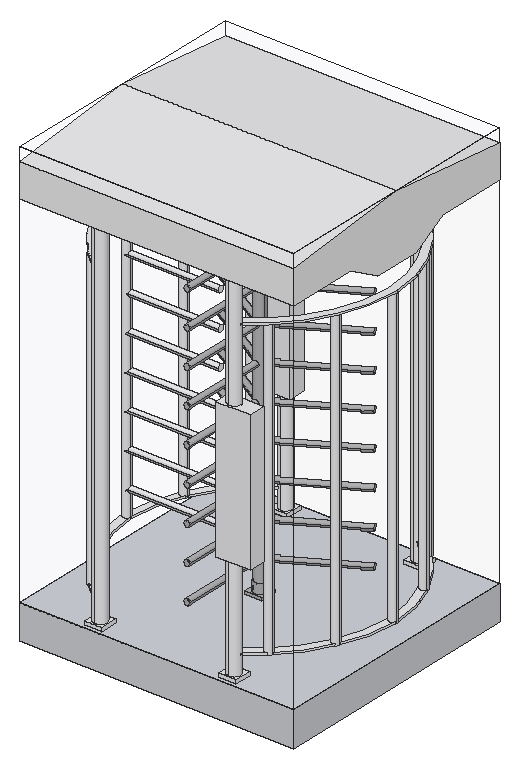
Revit family "LBA_LBAT10", category Equipement spécialisé, Revit 2017
Family settings
  Cote de connecteur circulaire = Utiliser le diamètre
  Type d'élément = Normal
  Basée sur le plan de construction = Non
  Toujours verticalement = Oui
  Couper avec des vides une fois chargée = Non
  Partagée = Non
  Point de calcul de pièce = Non
Parameters (values of type "Tourniquet_simple")
  position_barreaux_turnants = 510 mm
  passage_demi = largeur_passage / 2  # 340 mm
  longueur_toiture = 1500 mm
  longueur_controle_accèss = 100 mm
  longueur_barreaux_tournants = 500 mm
  longueur_barreaux_fixes = 550 mm
  longueur_assemblages_laterales = 1400 mm
  longueur_volume_emprise = 1500 mm
  largeur_toiture = 1600 mm
  largeur_passage = 680 mm
  largeur_controle_accèss = 200 mm
  largeur_volume_emprise = 1600 mm
  hauteur_passage = 2000 mm
  hauteur_volume_emprise = 2384 mm
  hauteur_controle_accèss = 810 mm
  h_poste = 2110 mm
  h_b = 20 mm
  dimension_plaques = 100 mm
  diamètre_poteau_tournant = 60 mm
  diamètre_poteaux = 75 mm
  diamètre_barreaux = 33 mm
  demi_d_laterale = diamètre_poteaux / 2  # 37.5 mm
  d_poteau_fixes_laterales = 45 mm
  URL = "https://barriere-automatique.com/fr/"
  Modèle = "LBA T10"
  Matériau_barreaux = ALU_INOX
  Matériau_base = BLANC_MAT
  Fabricant = "La Barrière Automatique"
Reference planes
  plane 1 "Centre (avant/arrière)": y = 0
  plane 2: z = 0
  plane 3 "Centre (gauche/droite)": x = -450
  plane 4 "arrière": y = 750
  plane 5: x = 350
  plane 6 "Origine gauche": x = -1250
  plane 7 "avant": y = -750
  plane 8 "H": z = 2384
  plane 9: z = 2000
  plane 10 "b": z = 125
  plane 11 "b2": z = 1850
  plane 12: y = 750
  plane 13: y = -750
Forms (mm)
  Extrusion 1, solid
    sketch origin (0, 0, 0) x (1, 0, 0) y (0, 1, 0)
      loop
        line (-1250, 750) -> (-1250, -750) -> (350, -750) -> (350, 750) -> (-1250, 750)
    from 0 to 2384
  Extrusion 2, solid
    sketch origin (0, 0, 0) x (1, 0, 0) y (0, 1, 0)
      loop
        line (-1250, 750) -> (-1250, -750) -> (350, -750) -> (350, 750) -> (-1250, 750)
    from 0 to -200
Lines and regions (mm)
  symbolic lines, style "ESPACE_EMPRISE"
    curve 1: line (-1250, 750, 2384) -> (350, 750, 2384)
    curve 2: line (-1250, -750, 2384) -> (-1250, 750, 2384)
    curve 3: line (350, -750, 2384) -> (-1250, -750, 2384)
    curve 4: line (350, 750, 2384) -> (350, -750, 2384)
    curve 5: line (-1250, 750, 0) -> (350, 750, 0)
    curve 6: line (-1250, -750, 0) -> (-1250, 750, 0)
    curve 7: line (350, -750, 0) -> (-1250, -750, 0)
    curve 8: line (350, 750, 0) -> (350, -750, 0)
    curve 9: line (-1250, 750, 2384) -> (350, 750, 2384)
    curve 10: line (-1250, 750, 0) -> (-1250, 750, 2384)
    curve 11: line (350, 750, 0) -> (-1250, 750, 0)
    curve 12: line (350, 750, 2384) -> (350, 750, 0)
    curve 13: line (-1250, -750, 2384) -> (350, -750, 2384)
    curve 14: line (-1250, -750, 0) -> (-1250, -750, 2384)
    curve 15: line (350, -750, 0) -> (-1250, -750, 0)
    curve 16: line (350, -750, 2384) -> (350, -750, 0)
Dimensions and locks
  "largeur_volume_emprise": plane 6 "Origine gauche" to plane 5
  equal spacing: plane 4 "arrière", plane 1 "Centre (avant/arrière)", plane 7 "avant"
  "longueur_volume_emprise": plane 4 "arrière" to plane 7 "avant"
  "hauteur_volume_emprise": plane 8 "H" to plane 2
  "hauteur_passage": plane 9 to plane 2
  equal spacing: plane 6 "Origine gauche", plane 3 "Centre (gauche/droite)", plane 5
  locked: plane 9 to plane 11 "b2" at 150
  locked: plane 10 "b" to plane 2 at 125
  equal spacing: nested 9, plane 1 "Centre (avant/arrière)", nested 11
  equal spacing: nested 8, plane 1 "Centre (avant/arrière)", nested 12
  equal spacing: nested 17, plane 1 "Centre (avant/arrière)", nested 13
  equal spacing: nested 16, plane 1 "Centre (avant/arrière)", nested 14
  equal spacing: plane 12, plane 1 "Centre (avant/arrière)", plane 13
  "longueur_toiture": plane 12 to plane 13
  "diamètre_poteaux": plane 12 to nested 22
  "diamètre_poteaux": nested 21 to plane 13
  "passage_demi": nested 21 to plane 3 "Centre (gauche/droite)"
  "passage_demi": plane 3 "Centre (gauche/droite)" to nested 1
  aligned and locked: level to plane 2
  aligned and locked: Extrusion 1 sketch curve to plane 4 "arrière"
  aligned and locked: plane 6 "Origine gauche" to Extrusion 1 sketch curve
  aligned and locked: plane 7 "avant" to Extrusion 1 sketch curve
  aligned and locked: Extrusion 1 sketch curve to plane 5
  aligned and locked: plane 8 "H" to Extrusion 1
  aligned and locked: plane 1 "Centre (avant/arrière)" to nested 3
  aligned and locked: nested 7 to plane 1 "Centre (avant/arrière)"
  aligned and locked: nested 5 to plane 1 "Centre (avant/arrière)"
  aligned and locked: nested 3 to plane 1 "Centre (avant/arrière)"
  aligned and locked: plane 1 "Centre (avant/arrière)" to nested 6
  aligned and locked: plane 1 "Centre (avant/arrière)" to nested 4
  aligned and locked: plane 11 "b2" to nested 8
  aligned and locked: plane 11 "b2" to nested 12
  aligned and locked: plane 11 "b2" to nested 9
  aligned and locked: plane 11 "b2" to nested 11
  aligned and locked: plane 11 "b2" to nested 10
  aligned and locked: plane 1 "Centre (avant/arrière)" to nested 10
  aligned and locked: curve 1 to plane 4 "arrière"
  aligned and locked: plane 6 "Origine gauche" to curve 2
  aligned and locked: plane 7 "avant" to curve 3
  aligned and locked: curve 4 to plane 5
  aligned and locked: curve 5 to plane 4 "arrière"
  aligned and locked: curve 6 to curve 2
  aligned and locked: curve 7 to curve 3
  aligned and locked: curve 9 to plane 8 "H"
  aligned and locked: plane 6 "Origine gauche" to curve 10
  aligned and locked: curve 12 to plane 5
  aligned and locked: level to curve 11
  aligned and locked: curve 13 to plane 8 "H"
  aligned and locked: curve 16 to plane 5
  aligned and locked: plane 6 "Origine gauche" to curve 14
  aligned and locked: plane 2 to curve 15
  aligned and locked: nested 19 to nested 1  (x2)
  aligned and locked: plane 3 "Centre (gauche/droite)" to nested 3
  aligned and locked: nested 5 to nested 3
  aligned and locked: nested 7 to nested 5
  aligned and locked: Extrusion 2 sketch curve to plane 5
  aligned and locked: Extrusion 2 sketch curve to plane 4 "arrière"
  aligned and locked: plane 6 "Origine gauche" to Extrusion 2 sketch curve
  aligned and locked: plane 7 "avant" to Extrusion 2 sketch curve
  aligned and locked: nested 1 to nested 2
  aligned and locked: nested 3 to nested 6
  aligned and locked: nested 3 to nested 4
  aligned and locked: nested 8 to nested 12
  aligned and locked: nested 9 to nested 11
  aligned and locked: plane 1 "Centre (avant/arrière)" to nested 18
  aligned and locked: nested 14 to nested 16
  aligned and locked: nested 13 to nested 17
  aligned and locked: nested 21 to nested 1
  aligned and locked: nested 22 to nested 2
  aligned and locked: nested 20 to nested 22
  aligned and locked: nested 20 to nested 21
  aligned and locked: nested 21 to nested 22
  aligned and locked: plane 3 "Centre (gauche/droite)" to nested 18
  aligned and locked: nested 23 to nested 3
  aligned and locked: nested 23 to nested 10
Automatic sketch dimensions
  curve 7 to plane 5 = 0 mm
Nested families
  nested 1: "post_LBAT20_LBA" at (-60, -675, 0), type "post_LBAT20_LBA"
    with diamètre_poste 75 mm
  nested 2: "post_LBAT20_LBA" at (-60, 675, 0), type "post_LBAT20_LBA"
    with diamètre_poste 75 mm
  nested 3: "toiture alu_LBAT20_LBA" at (-1592, 0, 0), type "toiture alu_LBAT20_LBA"
    with longueur 1500 mm, largeur 1600 mm
  nested 4: "assemblage_barreaux_LBAT20" at (-713, 0, 125), type "assemblage_barreaux_LBAT20"
    with longueur 1400 mm, largeur_passage 680 mm, extremité_assamblage 400 mm
  nested 5: "assemblage_barreaux_LBAT20" at (-187, 0, 125) x (-1, 0, 0) z (0, 0, 1), type "assemblage_barreaux_LBAT20"
    with longueur 1400 mm, largeur_passage 680 mm, extremité_assamblage 400 mm
  nested 6: "assemblage_barreaux_LBAT20" at (-713, 0, 1850), type "assemblage_barreaux_LBAT20"
    with longueur 1400 mm, largeur_passage 680 mm, extremité_assamblage 400 mm
  nested 7: "assemblage_barreaux_LBAT20" at (-187, 0, 1850) x (-1, 0, 0) z (0, 0, 1), type "assemblage_barreaux_LBAT20"
    with longueur 1400 mm, largeur_passage 680 mm, extremité_assamblage 400 mm
  nested 8: "barreaux_fixes_LBAT20" at (-965.777, -579.101, 125), type "barreaux_fixes_LBAT20"
    with hauteur 1725 mm, diamètre 45 mm
  nested 9: "barreaux_fixes_LBAT20" at (-1147.391, -319.551, 125), type "barreaux_fixes_LBAT20"
    with hauteur 1725 mm, diamètre 45 mm
  nested 10: "barreaux_fixes_LBAT20" at (-1227, 0, 125), type "barreaux_fixes_LBAT20"
    with hauteur 1725 mm, diamètre 45 mm
  nested 11: "barreaux_fixes_LBAT20" at (-1147.391, 319.551, 125), type "barreaux_fixes_LBAT20"
    with hauteur 1725 mm, diamètre 45 mm
  nested 12: "barreaux_fixes_LBAT20" at (-965.777, 579.101, 125), type "barreaux_fixes_LBAT20"
    with hauteur 1725 mm, diamètre 45 mm
  nested 13: "barreaux_fixes_LBAT20" at (65.777, -579.101, 125) x (-1, 0, 0) z (0, 0, 1), type "barreaux_fixes_LBAT20"
    with hauteur 1725 mm, diamètre 45 mm
  nested 14: "barreaux_fixes_LBAT20" at (248.641, -319.551, 125) x (-1, 0, 0) z (0, 0, 1), type "barreaux_fixes_LBAT20"
    with hauteur 1725 mm, diamètre 45 mm
  nested 15: "barreaux_fixes_LBAT20" at (327, 0, 125) x (-1, 0, 0) z (0, 0, 1), type "barreaux_fixes_LBAT20"
    with hauteur 1725 mm, diamètre 45 mm
  nested 16: "barreaux_fixes_LBAT20" at (248.641, 319.551, 125) x (-1, 0, 0) z (0, 0, 1), type "barreaux_fixes_LBAT20"
    with hauteur 1725 mm, diamètre 45 mm
  nested 17: "barreaux_fixes_LBAT20" at (65.777, 579.101, 125) x (-1, 0, 0) z (0, 0, 1), type "barreaux_fixes_LBAT20"
    with hauteur 1725 mm, diamètre 45 mm
  nested 18: "base_poteau brreaux mobiles_LBAT20" at (-450, 0, 0), type "base_poteau brreaux mobiles_LBAT20"
    with l_barreaux 500 mm
  nested 19: "CDA_LBAT20" at (-60, -675, 625), type "CDA_LBAT20"
    with longueur 100 mm, largeur 200 mm, hauteur 810 mm, L2 135 mm
  nested 20: "CDA_LBAT20" at (-840, 675, 625) x (-1, 0, 0) z (0, 0, 1), type "CDA_LBAT20"
    with longueur 100 mm, largeur 200 mm, hauteur 810 mm, L2 135 mm
  nested 21: "post_LBAT20_LBA" at (-840, -675, 0), type "post_LBAT20_LBA"
    with diamètre_poste 75 mm
  nested 22: "post_LBAT20_LBA" at (-840, 675, 0), type "post_LBAT20_LBA"
    with diamètre_poste 75 mm
  nested 23: "base_brreaux_LBAT10" at (-1249.5, 0, 0) x (0, 1, 0) z (0, 0, 1), type "base_brreaux_LBAT10"
    with position_premièr_barreau 191 mm, position_dernière_barreau 265 mm, n_barreaux 8, l_barreaux 550 mm, d_poteau 45 mm, d_demi 22.5 mm
Definition of nested family "post_LBAT20_LBA"
  Parameters (values of type "post_LBAT20_LBA")
    longueur = 100 mm
    largeur = longueur  # 100 mm
    h_totale = 2110 mm
    h_poste = h_totale - h_b  # 2090 mm
    h_b = 20 mm
    diamètre_poste = 70 mm
    Matériau_poste = none
    Matériau_base = none
    Default Elevation = 1219.2 mm
  Reference planes
    plane 1 "Centre (avant/arrière)": y = 0
    plane 2: z = 0
    plane 3 "Centre (gauche/droite)": x = 0
    plane 4: y = 50
    plane 5: x = 50
    plane 6: x = -50
    plane 7: y = -50
    plane 8: y = -10
    plane 9: y = 10
    plane 10 "B": z = 20
    plane 11 "H": z = 2110
  Forms (mm)
    Extrusion 1, solid, material <- "Matériau_base"
      sketch origin (0, 0, 0) x (1, 0, 0) y (0, 1, 0)
        loop
          line (-50, 50) -> (-50, -50) -> (50, -50) -> (50, 50) -> (-50, 50)
      from 0 to 20
    Extrusion 2, solid, material <- "Matériau_poste"
      sketch origin (0, 0, 20) x (0, -1, 0) y (1, 0, 0)
        loop
          circle (0, 0) r 35
      from 0 to 2090
  Lines and regions (mm)
    symbolic lines
      curve 1: line (-50, 50, 0) -> (50, 50, 0)
      curve 2: line (-50, -50, 0) -> (-50, 50, 0)
      curve 3: line (50, -50, 0) -> (-50, -50, 0)
      curve 4: line (50, 50, 0) -> (50, -50, 0)
      curve 5: circle (0, 0, 0) r 35 normal (0, 0, 1)
  Dimensions and locks
    equal spacing: plane 6, plane 3 "Centre (gauche/droite)", plane 5
    "largeur": plane 6 to plane 5
    equal spacing: plane 4, plane 1 "Centre (avant/arrière)", plane 7
    "longueur": plane 4 to plane 7
    equal spacing: plane 8, plane 1 "Centre (avant/arrière)", plane 9
    plane 8 to plane 9 = 20 mm
    "h_b": plane 10 "B" to plane 2
    "h_poste": plane 11 "H" to plane 10 "B"
    "diamètre_poste": diameter of Extrusion 2 sketch curve
    "diamètre_poste": diameter of curve 5
    aligned and locked: level to plane 2
    aligned and locked: Extrusion 1 sketch curve to plane 4
    aligned and locked: plane 6 to Extrusion 1 sketch curve
    aligned and locked: plane 7 to Extrusion 1 sketch curve
    aligned and locked: Extrusion 1 sketch curve to plane 5
    aligned and locked: plane 10 "B" to Extrusion 1
    aligned and locked: plane 11 "H" to Extrusion 2
    aligned and locked: curve 1 to plane 4
    aligned and locked: curve 4 to plane 5
    aligned and locked: plane 6 to curve 2
  Automatic sketch dimensions
    plane 1 "Centre (avant/arrière)" to curve 5 = 0 mm
    curve 5 to plane 3 "Centre (gauche/droite)" = 0 mm
    curve 4 to plane 7 = 0 mm
    plane 1 "Centre (avant/arrière)" to Extrusion 2 sketch curve = 0 mm
    Extrusion 2 sketch curve to plane 3 "Centre (gauche/droite)" = 0 mm
Definition of nested family "toiture alu_LBAT20_LBA"
  Parameters (values of type "toiture alu_LBAT20_LBA")
    longueur = 1464 mm
    largeur = 2384 mm
    hauteur_totale = 2384 mm
    h_passage = 2000 mm
    b = hauteur_totale - h_passage  # 384 mm
    a = b / 2  # 192 mm
    Matériau_base = none
  Reference planes
    plane 1 "Centre (avant/arrière)": y = 0
    plane 2: z = 0
    plane 3 "Centre (gauche/droite)": x = 1142
    plane 4: y = 732
    plane 5: x = 2334
    plane 6: x = -50
    plane 7: y = -732
    plane 8 "H": z = 2000
    plane 9: z = 2384
    plane 10: z = 2112
  Forms (mm)
    Sweep 1, solid, material <- "Matériau_base"
      path origin (0, 0, 0) x (1, 0, 0) y (0, 1, 0)
        loop
          line (-50, 0) -> (2334, 0)
      profile origin (1142, 0, 0) x (0, 1, 0) y (0, 0, 1)
        loop
          line (123.137, 2000) -> (317.127, 2112) -> (732, 2112) -> (732, 2304) -> (0, 2384) -> (-732, 2304) -> (-732, 2112) -> (-317.127, 2112) -> (-123.137, 2000) -> (123.137, 2000)
  Lines and regions (mm)
    symbolic lines
      curve 1: line (-50, 732, 0) -> (2334, 732, 0)
      curve 2: line (-50, -732, 0) -> (-50, 732, 0)
      curve 3: line (2334, -732, 0) -> (-50, -732, 0)
      curve 4: line (2334, 732, 0) -> (2334, -732, 0)
      curve 5: line (1142, 0, 2384) -> (1142, -732, 2304)
      curve 6: line (1142, 732, 2304) -> (1142, 0, 2384)
      curve 7: line (1142, 317.127, 2112) -> (1142, 732, 2112)
      curve 8: line (1142, 732, 2112) -> (1142, 732, 2304)
      curve 9: line (1142, 123.137, 2000) -> (1142, 317.127, 2112)
      curve 10: line (1142, -123.137, 2000) -> (1142, 123.137, 2000)
      curve 11: line (1142, -317.127, 2112) -> (1142, -123.137, 2000)
      curve 12: line (1142, -732, 2112) -> (1142, -317.127, 2112)
      curve 13: line (1142, -732, 2304) -> (1142, -732, 2112)
      curve 14: line (-50, 0, 2384) -> (2334, 0, 2384)
      curve 15: line (-50, 0, 2000) -> (-50, 0, 2384)
      curve 16: line (2334, 0, 2000) -> (-50, 0, 2000)
      curve 17: line (2334, 0, 2384) -> (2334, 0, 2000)
      curve 18: line (-50, 0, 2112) -> (2334, 0, 2112)
  Dimensions and locks
    equal spacing: plane 6, plane 3 "Centre (gauche/droite)", plane 5
    "largeur": plane 6 to plane 5
    equal spacing: plane 4, plane 1 "Centre (avant/arrière)", plane 7
    "longueur": plane 4 to plane 7
    "b": plane 9 to plane 8 "H"
    "h_passage": plane 8 "H" to plane 2
    "a": Sweep 1 sketch curve to plane 10  (x2)
    aligned and locked: level to plane 2
    aligned and locked: plane 6 to Sweep 1 sketch curve
    aligned and locked: plane 5 to Sweep 1 sketch curve
    aligned and locked: plane 1 "Centre (avant/arrière)" to Sweep 1 sketch curve  (x2)
    aligned and locked: plane 4 to Sweep 1 sketch curve
    aligned and locked: plane 7 to Sweep 1 sketch curve
    aligned and locked: Sweep 1 sketch curve to plane 7
    aligned and locked: plane 9 to Sweep 1 sketch curve
    aligned and locked: Sweep 1 sketch curve to plane 8 "H"
    aligned and locked: plane 10 to Sweep 1 sketch curve  (x3)
    aligned and locked: Sweep 1 sketch curve to plane 10
    aligned and locked: curve 3 to plane 7
    aligned and locked: curve 4 to plane 5
    aligned and locked: curve 1 to plane 4
    aligned and locked: curve 2 to plane 6
    aligned and locked: curve 9 to Sweep 1
    aligned and locked: curve 11 to Sweep 1
    aligned and locked: curve 12 to Sweep 1
    aligned and locked: Sweep 1 to plane 8 "H"
    aligned and locked: curve 13 to plane 7
    aligned and locked: plane 4 to curve 8
    aligned and locked: plane 9 to curve 6
    aligned and locked: plane 6 to curve 15
    aligned and locked: curve 16 to plane 8 "H"
    aligned and locked: curve 14 to plane 9
    aligned and locked: curve 18 to Sweep 1
    aligned and locked: plane 6 to curve 18
    aligned and locked: plane 5 to curve 18
  Automatic sketch dimensions
    Sweep 1 sketch curve to Sweep 1 sketch curve = 414.873 mm  (x2)
    Sweep 1 sketch curve to Sweep 1 sketch curve = 193.99 mm  (x2)
    curve 6 to plane 1 "Centre (avant/arrière)" = 0 mm
    curve 6 to plane 9 = 80 mm
    curve 5 to plane 9 = 80 mm
    plane 8 "H" to curve 7 = 112 mm
    curve 9 to plane 8 "H" = 0 mm
Definition of nested family "assemblage_barreaux_LBAT20"
  Parameters (values of type "assemblage_barreaux_LBAT20")
    matériau_base = none
    longueur = 1464 mm
    largeur_passage = 655 mm
    largeur = 2384 mm
    extremité_assamblage = 40 mm + (longueur - largeur_passage) / 2  # 444.5 mm
    e = 15 mm
    Default Elevation = 1219.2 mm
  Reference planes
    plane 1 "Centre (avant/arrière)": y = 0
    plane 2: z = 0
    plane 3 "Centre (gauche/droite)": x = -92.5
    plane 4: y = 732
    plane 5: x = -537
    plane 6: y = -732
    plane 7: y = -460
    plane 8: y = 460
    plane 9: z = 2060
  Forms (mm)
    Sweep 1, solid, material <- "matériau_base"
      path in 3D
        loop
          arc (-92.5, 732, 0) -> (-406.451, 421.685, 0) -> (-537, 0, 0) r 908.154
          arc (-537, 0, 0) -> (-406.451, -421.685, 0) -> (-92.5, -732, 0) r 908.154
      profile origin (-406.451, 421.685, 0) x (0.854751, -0.519039, 0) y (0, 0, 1)
        loop
          line (0, 10) -> (0, 0) -> (45, 0) -> (45, 10) -> (0, 10)
  Lines and regions (mm)
    reference lines
      curve 1: arc (-92.5, -732, 0) -> (-406.451, -421.685, 0) -> (-537, 0, 0) r 908.154
      curve 2: arc (-92.5, 732, 0) -> (-406.451, 421.685, 0) -> (-537, 0, 0) r 908.154
    sketch lines
      curve 3: arc (-92.5, 732, 0) -> (-406.451, 421.685, 0) -> (-537, 0, 0) r 908.154
      curve 4: arc (-92.5, -732, 0) -> (-406.451, -421.685, 0) -> (-537, 0, 0) r 908.154
    symbolic lines
      curve 5: arc (-69.593, 693.267, 0) -> (-367.347, 399.381, 0) -> (-491.929, 0, 0) r 863.154
      curve 6: arc (-491.929, 0, 0) -> (-367.347, -399.381, 0) -> (-69.593, -693.267, 0) r 863.154
      curve 7: arc (-92.5, 732, 0) -> (-406.451, 421.685, 0) -> (-537, 0, 0) r 908.154
      curve 8: arc (-537, 0, 0) -> (-406.451, -421.685, 0) -> (-92.5, -732, 0) r 908.154
      curve 9: line (-92.5, -732, 0) -> (-69.593, -693.267, 0)
      curve 10: line (-92.5, 732, 0) -> (-69.593, 693.267, 0)
      curve 11: line (-537, 0, 10) -> (-92.5, 0, 10)
      curve 12: line (-537, 0, 0) -> (-537, 0, 10)
      curve 13: line (-92.5, 0, 0) -> (-537, 0, 0)
      curve 14: line (-92.5, 0, 10) -> (-92.5, 0, 0)
  Dimensions and locks
    equal spacing: plane 4, plane 1 "Centre (avant/arrière)", plane 6
    "longueur": plane 4 to plane 6
    equal spacing: plane 7, plane 1 "Centre (avant/arrière)", plane 8
    plane 7 to plane 8 = 920 mm
    "extremité_assamblage": plane 5 to plane 3 "Centre (gauche/droite)"
    aligned and locked: level to plane 2
    aligned and locked: plane 1 "Centre (avant/arrière)" to curve 1
    aligned and locked: plane 5 to curve 1
    aligned and locked: plane 3 "Centre (gauche/droite)" to curve 1
    aligned and locked: plane 6 to curve 1
    aligned and locked: plane 4 to curve 2
    aligned and locked: plane 3 "Centre (gauche/droite)" to curve 2
    aligned and locked: curve 5 to Sweep 1
    aligned and locked: curve 6 to Sweep 1
    aligned and locked: curve 7 to Sweep 1
    aligned and locked: curve 8 to Sweep 1
    aligned and locked: curve 9 to Sweep 1
    aligned and locked: curve 10 to Sweep 1
    aligned and locked: curve 14 to plane 3 "Centre (gauche/droite)"
    aligned and locked: plane 5 to curve 12
    aligned and locked: plane 2 to curve 13
    aligned and locked: curve 11 to Sweep 1
  Automatic sketch dimensions
    plane 1 "Centre (avant/arrière)" to curve 2 = 49.683 mm
    curve 1 to plane 1 "Centre (avant/arrière)" = 49.683 mm
    Sweep 1 sketch curve to profile plane = 0 mm  (x2)
    profile plane to Sweep 1 sketch curve = 10 mm
    Sweep 1 sketch curve to Sweep 1 sketch curve = 45 mm
Definition of nested family "barreaux_fixes_LBAT20"
  Parameters (values of type "barreaux_fixes_LBAT20")
    matériau_base = none
    hauteur [instance] = 1380.456 mm
    diamètre = 55 mm
    Default Elevation = 1219.2 mm
  Reference planes
    plane 1 "Centre (avant/arrière)": y = 0
    plane 2: z = 0
    plane 3 "Centre (gauche/droite)": x = 0
    plane 4: z = 1380.456
  Forms (mm)
    Extrusion 1, solid, material <- "matériau_base"
      sketch origin (0, 0, 0) x (1, 0, 0) y (0, 1, 0)
        loop
          circle (0, 0) r 27.5
      from 0 to 1380.456
  Lines and regions (mm)
    symbolic lines
      curve 1: line (-27.5, 0, 1380.456) -> (27.5, 0, 1380.456)
      curve 2: line (-27.5, 0, 0) -> (-27.5, 0, 1380.456)
      curve 3: line (27.5, 0, 0) -> (-27.5, 0, 0)
      curve 4: line (27.5, 0, 1380.456) -> (27.5, 0, 0)
      curve 5: line (0, 27.5, 0) -> (0, -27.5, 0)
      curve 6: line (0, 27.5, 1380.456) -> (0, -27.5, 1380.456)
      curve 7: line (0, 27.5, 0) -> (0, 27.5, 1380.456)
      curve 8: line (0, -27.5, 0) -> (0, 27.5, 0)
      curve 9: line (0, -27.5, 1380.456) -> (0, -27.5, 0)
      curve 10: circle (0, 0, 0) r 27.5 normal (0, 0, 1)
  Dimensions and locks
    "hauteur": plane 4 to plane 2
    equal spacing: curve 4, plane 3 "Centre (gauche/droite)", curve 2
    "diamètre": curve 4 to curve 2
    equal spacing: curve 7, plane 1 "Centre (avant/arrière)", curve 9
    "diamètre": curve 7 to curve 9
    "diamètre": diameter of Extrusion 1 sketch curve
    "diamètre": diameter of curve 10
    aligned and locked: level to plane 2
    aligned and locked: plane 4 to Extrusion 1
    aligned and locked: curve 1 to plane 4
    aligned and locked: plane 2 to curve 3
    aligned and locked: curve 5 to plane 3 "Centre (gauche/droite)"
    aligned and locked: curve 6 to plane 4
    aligned and locked: plane 2 to curve 8
  Automatic sketch dimensions
    plane 1 "Centre (avant/arrière)" to curve 10 = 0 mm
    curve 10 to plane 3 "Centre (gauche/droite)" = 0 mm
    plane 1 "Centre (avant/arrière)" to curve 5 = 27.5 mm
    curve 5 to plane 1 "Centre (avant/arrière)" = 27.5 mm
    plane 1 "Centre (avant/arrière)" to Extrusion 1 sketch curve = 0 mm
    Extrusion 1 sketch curve to plane 3 "Centre (gauche/droite)" = 0 mm
Definition of nested family "base_poteau brreaux mobiles_LBAT20"
  Parameters (values of type "base_poteau brreaux mobiles_LBAT20")
    profondeur_fixation = h_totale_fixation - epaisseur_plaque  # 55 mm
    position_premièr_barreau [instance] = 191 mm
    position_dernière_barreau [instance] = 170 mm
    n_barreaux [instance] = 9
    matériau_barreau_inox = none
    longueur_plaque = 100 mm
    largeur_plaque = 100 mm
    l_barreaux = 650 mm
    h_totale_fixation = 70 mm
    h_passage = 2000 mm
    epaisseur_plaque = 15 mm  # constant formula
    d_poteau = 60 mm
    d_ext = d_poteau + 10 mm  # 70 mm
    d_demi = d_poteau / 2  # 30 mm
    d_barreaux = 33 mm
  Reference planes
    plane 1 "Centre (avant/arrière)": y = 0
    plane 2: z = 0
    plane 3 "Centre (gauche/droite)": x = 0
    plane 4: y = 50
    plane 5: x = 50
    plane 6: x = -50
    plane 7: y = -50
    plane 8 "b": z = 15
    plane 9: z = 70
    plane 10 "9": z = 170
    plane 11 "7": z = 579.75
    plane 12 "5": z = 989.5
    plane 13 "4": z = 1194.375
    plane 14 "3": z = 1399.25
    plane 15 "1": z = 1809
    plane 16 "2": z = 1604.125
    plane 17 "6": z = 784.625
    plane 18 "8": z = 374.875
    plane 19: z = 2000
    plane 20: y = -30
  Forms (mm)
    Extrusion 1, solid, material <- "matériau_barreau_inox"
      sketch origin (0, 0, 0) x (1, 0, 0) y (0, 1, 0)
        loop
          line (-50, 50) -> (-50, -50) -> (50, -50) -> (50, 50) -> (-50, 50)
      from 0 to 15
    Extrusion 2, solid, material <- "matériau_barreau_inox"
      sketch origin (0, 0, 0) x (1, 0, 0) y (0, 1, 0)
        loop
          circle (0, 0) r 35
        loop
          circle (0, 0) r 30
      from 15 to 70
  Cuts and joins
    joined: Extrusion 1, Extrusion 2
  Lines and regions (mm)
    symbolic lines
      curve 1: line (-50, 50, 0) -> (50, 50, 0)
      curve 2: line (-50, -50, 0) -> (-50, 50, 0)
      curve 3: line (50, -50, 0) -> (-50, -50, 0)
      curve 4: line (50, 50, 0) -> (50, -50, 0)
      curve 5: circle (0, 0, 0) r 35 normal (0, 0, 1)
      curve 6: line (-50, 0, 15) -> (50, 0, 15)
      curve 7: line (-50, 0, 0) -> (-50, 0, 15)
      curve 8: line (50, 0, 0) -> (-50, 0, 0)
      curve 9: line (50, 0, 15) -> (50, 0, 0)
      curve 10: line (-35, 0, 70) -> (35, 0, 70)
      curve 11: line (-35, 0, 15) -> (-35, 0, 70)
      curve 12: line (35, 0, 70) -> (35, 0, 15)
      curve 13: line (0, 35, 70) -> (0, -35, 70)
      curve 14: line (0, 35, 29.495) -> (0, 35, 70)
      curve 15: line (0, -35, 70) -> (0, -35, 29.495)
      curve 16: line (0, 50, 15) -> (0, -50, 15)
      curve 17: line (0, 50, 0) -> (0, 50, 15)
      curve 18: line (0, -50, 0) -> (0, 50, 0)
      curve 19: line (0, -50, 15) -> (0, -50, 0)
  Dimensions and locks
    equal spacing: plane 6, plane 3 "Centre (gauche/droite)", plane 5
    "largeur_plaque": plane 6 to plane 5
    equal spacing: plane 4, plane 1 "Centre (avant/arrière)", plane 7
    "longueur_plaque": plane 4 to plane 7
    "epaisseur_plaque": plane 8 "b" to plane 2
    "profondeur_fixation": plane 9 to plane 8 "b"
    equal spacing: curve 12, nested 1, curve 11
    "d_ext": curve 12 to curve 11
    equal spacing: curve 14, nested 1, curve 15
    "d_ext": curve 14 to curve 15
    equal spacing: plane 15 "1", plane 16 "2", plane 14 "3", plane 13 "4", plane 12 "5", plane 17 "6", plane 11 "7", plane 18 "8", plane 10 "9"
    "h_passage": plane 19 to plane 2
    "position_premièr_barreau": plane 19 to plane 15 "1"
    "d_demi": plane 20 to plane 1 "Centre (avant/arrière)"
    equal spacing: group 1, group 2, group 3, group 4, group 5, group 6, group 7, group 8, group 9  (x3)
    equal spacing: group 12, group 13, group 14, group 15, group 16, group 17, group 18, group 19, group 20  (x3)
    equal spacing: group 22, group 23, group 24, group 25, group 26, group 27, group 28, group 29, group 30  (x3)
    "position_dernière_barreau": plane 10 "9" to plane 2
    "d_ext": diameter of Extrusion 2 sketch curve
    "d_poteau": diameter of Extrusion 2 sketch curve
    "d_ext": diameter of curve 5
    aligned and locked: level to plane 2
    aligned and locked: Extrusion 1 sketch curve to plane 4
    aligned and locked: plane 6 to Extrusion 1 sketch curve
    aligned and locked: plane 7 to Extrusion 1 sketch curve
    aligned and locked: Extrusion 1 sketch curve to plane 5
    aligned and locked: plane 8 "b" to Extrusion 1
    aligned and locked: Extrusion 2 to plane 8 "b"
    aligned and locked: curve 4 to plane 5
    aligned and locked: curve 1 to plane 4
    aligned and locked: plane 6 to curve 2
    aligned and locked: plane 7 to curve 3
    aligned and locked: plane 3 "Centre (gauche/droite)" to nested 1
    aligned and locked: plane 1 "Centre (avant/arrière)" to nested 1
    aligned and locked: curve 6 to plane 8 "b"
    aligned and locked: curve 9 to plane 5
    aligned and locked: plane 6 to curve 7
    aligned and locked: plane 2 to curve 8
    aligned and locked: plane 9 to Extrusion 2
    aligned and locked: curve 10 to plane 9
    aligned and locked: plane 7 to curve 19
    aligned and locked: curve 16 to plane 8 "b"
    aligned and locked: curve 17 to plane 4
    aligned and locked: plane 2 to curve 18
    aligned and locked: curve 13 to plane 9
    aligned and locked: plane 19 to nested 1
    aligned and locked: nested 2 to plane 20
    aligned and locked: nested 21 to plane 10 "9"
    aligned and locked: plane 10 "9" to nested 12
    aligned and locked: plane 10 "9" to nested 2
  Automatic sketch dimensions
    Extrusion 2 sketch curve to Extrusion 2 sketch curve = 0 mm  (x2)
    plane 1 "Centre (avant/arrière)" to Extrusion 2 sketch curve = 0 mm
    Extrusion 2 sketch curve to plane 3 "Centre (gauche/droite)" = 0 mm
    plane 1 "Centre (avant/arrière)" to curve 5 = 0 mm
    curve 5 to plane 3 "Centre (gauche/droite)" = 0 mm
    plane 8 "b" to curve 14 = 14.495 mm
    plane 8 "b" to curve 15 = 14.495 mm
    curve 11 to plane 8 "b" = 0 mm
    curve 12 to plane 8 "b" = 0 mm
  Nested families
    nested 1: "barreaux_fixes_LBAT20" at (0, 0, 15), type "barreaux_fixes_LBAT20"
      with hauteur 1985 mm
    nested 2: "brreaux mobiles_LBAT20" at (0, -30, 170), type "brreaux mobiles_LBAT20"
    nested 3: "brreaux mobiles_LBAT20" at (0, -30, 374.875), type "brreaux mobiles_LBAT20"
    nested 4: "brreaux mobiles_LBAT20" at (0, -30, 579.75), type "brreaux mobiles_LBAT20"
    nested 5: "brreaux mobiles_LBAT20" at (0, -30, 784.625), type "brreaux mobiles_LBAT20"
    nested 6: "brreaux mobiles_LBAT20" at (0, -30, 989.5), type "brreaux mobiles_LBAT20"
    nested 7: "brreaux mobiles_LBAT20" at (0, -30, 1194.375), type "brreaux mobiles_LBAT20"
    nested 8: "brreaux mobiles_LBAT20" at (0, -30, 1399.25), type "brreaux mobiles_LBAT20"
    nested 9: "brreaux mobiles_LBAT20" at (0, -30, 1604.125), type "brreaux mobiles_LBAT20"
    nested 10: "brreaux mobiles_LBAT20" at (0, -30, 1809), type "brreaux mobiles_LBAT20"
    nested 11: "brreaux mobiles_LBAT20" at (0, -30, 170), type "brreaux mobiles_LBAT20", not visible
    nested 12: "brreaux mobiles_LBAT20" at (-25.981, 15, 170) x (-0.5, -0.866, 0) z (0, 0, 1), type "brreaux mobiles_LBAT20"
    nested 13: "brreaux mobiles_LBAT20" at (-25.981, 15, 374.875) x (-0.5, -0.866, 0) z (0, 0, 1), type "brreaux mobiles_LBAT20"
    nested 14: "brreaux mobiles_LBAT20" at (-25.981, 15, 579.75) x (-0.5, -0.866, 0) z (0, 0, 1), type "brreaux mobiles_LBAT20"
    nested 15: "brreaux mobiles_LBAT20" at (-25.981, 15, 784.625) x (-0.5, -0.866, 0) z (0, 0, 1), type "brreaux mobiles_LBAT20"
    nested 16: "brreaux mobiles_LBAT20" at (-25.981, 15, 989.5) x (-0.5, -0.866, 0) z (0, 0, 1), type "brreaux mobiles_LBAT20"
    nested 17: "brreaux mobiles_LBAT20" at (-25.981, 15, 1194.375) x (-0.5, -0.866, 0) z (0, 0, 1), type "brreaux mobiles_LBAT20"
    nested 18: "brreaux mobiles_LBAT20" at (-25.981, 15, 1399.25) x (-0.5, -0.866, 0) z (0, 0, 1), type "brreaux mobiles_LBAT20"
    nested 19: "brreaux mobiles_LBAT20" at (-25.981, 15, 1604.125) x (-0.5, -0.866, 0) z (0, 0, 1), type "brreaux mobiles_LBAT20"
    nested 20: "brreaux mobiles_LBAT20" at (-25.981, 15, 1809) x (-0.5, -0.866, 0) z (0, 0, 1), type "brreaux mobiles_LBAT20"
    nested 21: "brreaux mobiles_LBAT20" at (25.981, 15, 170) x (-0.5, 0.866, 0) z (0, 0, 1), type "brreaux mobiles_LBAT20"
    nested 22: "brreaux mobiles_LBAT20" at (25.981, 15, 374.875) x (-0.5, 0.866, 0) z (0, 0, 1), type "brreaux mobiles_LBAT20"
    nested 23: "brreaux mobiles_LBAT20" at (25.981, 15, 579.75) x (-0.5, 0.866, 0) z (0, 0, 1), type "brreaux mobiles_LBAT20"
    nested 24: "brreaux mobiles_LBAT20" at (25.981, 15, 784.625) x (-0.5, 0.866, 0) z (0, 0, 1), type "brreaux mobiles_LBAT20"
    nested 25: "brreaux mobiles_LBAT20" at (25.981, 15, 989.5) x (-0.5, 0.866, 0) z (0, 0, 1), type "brreaux mobiles_LBAT20"
    nested 26: "brreaux mobiles_LBAT20" at (25.981, 15, 1194.375) x (-0.5, 0.866, 0) z (0, 0, 1), type "brreaux mobiles_LBAT20"
    nested 27: "brreaux mobiles_LBAT20" at (25.981, 15, 1399.25) x (-0.5, 0.866, 0) z (0, 0, 1), type "brreaux mobiles_LBAT20"
    nested 28: "brreaux mobiles_LBAT20" at (25.981, 15, 1604.125) x (-0.5, 0.866, 0) z (0, 0, 1), type "brreaux mobiles_LBAT20"
    nested 29: "brreaux mobiles_LBAT20" at (25.981, 15, 1809) x (-0.5, 0.866, 0) z (0, 0, 1), type "brreaux mobiles_LBAT20"
  Definition of nested family "barreaux_fixes_LBAT20"
    Parameters (values of type "barreaux_fixes_LBAT20")
      matériau_base = none
      hauteur [instance] = 1380.456 mm
      diamètre = 60 mm
      Default Elevation = 1219.2 mm
    Reference planes
      plane 1 "Centre (avant/arrière)": y = 0
      plane 2: z = 0
      plane 3 "Centre (gauche/droite)": x = 0
      plane 4: z = 1380.456
    Forms (mm)
      Extrusion 1, solid, material <- "matériau_base"
        sketch origin (0, 0, 0) x (1, 0, 0) y (0, 1, 0)
          loop
            circle (0, 0) r 30
        from 0 to 1380.456
    Lines and regions (mm)
      symbolic lines
        curve 1: line (-30, 0, 1380.456) -> (30, 0, 1380.456)
        curve 2: line (-30, 0, 0) -> (-30, 0, 1380.456)
        curve 3: line (30, 0, 0) -> (-30, 0, 0)
        curve 4: line (30, 0, 1380.456) -> (30, 0, 0)
        curve 6: line (0, 30, 1380.456) -> (0, -30, 1380.456)
        curve 7: line (0, 30, 0) -> (0, 30, 1380.456)
        curve 8: line (0, -30, 0) -> (0, 30, 0)
        curve 9: line (0, -30, 1380.456) -> (0, -30, 0)
      symbolic lines, not visible
        curve 5: line (0, 60, 0) -> (0, -60, 0)
    Dimensions and locks
      "hauteur": plane 4 to plane 2
      equal spacing: curve 4, plane 3 "Centre (gauche/droite)", curve 2
      "diamètre": curve 4 to curve 2
      equal spacing: curve 7, plane 1 "Centre (avant/arrière)", curve 9
      "diamètre": curve 7 to curve 9
      "diamètre": diameter of Extrusion 1 sketch curve
      aligned and locked: level to plane 2
      aligned and locked: plane 4 to Extrusion 1
      aligned and locked: curve 1 to plane 4
      aligned and locked: plane 2 to curve 3
      aligned and locked: curve 5 to plane 3 "Centre (gauche/droite)"
      aligned and locked: curve 6 to plane 4
      aligned and locked: plane 2 to curve 8
    Automatic sketch dimensions
      plane 1 "Centre (avant/arrière)" to curve 5 = 60 mm
      curve 5 to plane 1 "Centre (avant/arrière)" = 60 mm
      plane 1 "Centre (avant/arrière)" to Extrusion 1 sketch curve = 0 mm
      Extrusion 1 sketch curve to plane 3 "Centre (gauche/droite)" = 0 mm
  Definition of nested family "brreaux mobiles_LBAT20"
    Parameters (values of type "brreaux mobiles_LBAT20")
      mtériau base = none
      a = d_barreau / 2  # 16.5 mm
      L_barreau = 650 mm
      d_barreau = 33 mm
      Default Elevation = 1219.2 mm
    Reference planes
      plane 1 "Centre (avant/arrière)": y = 0
      plane 2: z = 0
      plane 3 "Centre (gauche/droite)": x = 0
      plane 4 "9": z = 0
    Forms (mm)
      Sweep 1, solid, material <- "mtériau base"
        path in 3D
          loop
            line (0, 0, 0) -> (0, -650, 0)
        profile origin (0, -325, 0) x (1, 0, 0) y (0, 0, 1)
          loop
            circle (0, 16.5) r 16.5
    Lines and regions (mm)
      reference lines
        curve 1: line (0, 0, 0) -> (0, -650, 0)
      sketch lines
        curve 2: line (0, 0, 0) -> (0, -650, 0)
      symbolic lines
        curve 3: line (-16.5, 0, 0) -> (16.5, 0, 0)
        curve 4: line (-16.5, -650, 0) -> (-16.5, 0, 0)
        curve 5: line (16.5, -650, 0) -> (-16.5, -650, 0)
        curve 6: line (16.5, 0, 0) -> (16.5, -650, 0)
        curve 7: arc (16.5, 0, 16.5) -> (0, 0, 0) -> (-16.5, 0, 16.5) r 16.5
        curve 8: arc (-16.5, 0, 16.5) -> (0, 0, 33) -> (16.5, 0, 16.5) r 16.5
        curve 9: line (0, -650, 33) -> (0, 0, 33)
        curve 10: line (0, -650, 0) -> (0, -650, 33)
        curve 11: line (0, 0, 0) -> (0, -650, 0)
        curve 12: line (0, 0, 33) -> (0, 0, 0)
    Dimensions and locks
      "L_barreau": curve 1 to plane 1 "Centre (avant/arrière)"
      "a": Sweep 1 sketch curve to plane 4 "9"
      equal spacing: curve 4, plane 3 "Centre (gauche/droite)", curve 6
      "d_barreau": curve 4 to curve 6
      "d_barreau": curve 9 to plane 4 "9"
      "d_barreau": diameter of Sweep 1 sketch curve
      aligned and locked: level to plane 2
      aligned and locked: plane 2 to plane 4 "9"
      aligned and locked: plane 1 "Centre (avant/arrière)" to curve 3
      aligned and locked: curve 5 to Sweep 1
      aligned and locked: curve 7 to Sweep 1
      aligned and locked: curve 8 to Sweep 1
      aligned and locked: plane 1 "Centre (avant/arrière)" to curve 12
      aligned and locked: plane 4 "9" to curve 11
      aligned and locked: curve 10 to Sweep 1
    Automatic sketch dimensions
      profile plane to Sweep 1 sketch curve = 0 mm
      curve 1 to plane 3 "Centre (gauche/droite)" = 0 mm
      plane 1 "Centre (avant/arrière)" to curve 1 = 0 mm
Definition of nested family "CDA_LBAT20"
  Parameters (values of type "CDA_LBAT20")
    matériau_base = none
    longueur = 200 mm
    largeur = 450 mm
    hauteur = 800 mm
    L2 = largeur - L1  # 385 mm
    L1 = 65 mm
  Reference planes
    plane 1 "Centre (avant/arrière)": y = 0
    plane 2: z = 0
    plane 3 "Centre (gauche/droite)": x = 0
    plane 4: y = 100
    plane 5: x = 385
    plane 6: x = -65
    plane 7: y = -100
    plane 8: z = 800
  Forms (mm)
    Extrusion 1, solid, material <- "matériau_base"
      sketch origin (0, 0, 0) x (1, 0, 0) y (0, 1, 0)
        loop
          line (-65, 100) -> (-65, -100) -> (385, -100) -> (385, 100) -> (-65, 100)
      from 0 to 800
  Lines and regions (mm)
    symbolic lines
      curve 1: line (-65, 100, 0) -> (385, 100, 0)
      curve 2: line (-65, -100, 0) -> (-65, 100, 0)
      curve 3: line (385, -100, 0) -> (-65, -100, 0)
      curve 4: line (385, 100, 0) -> (385, -100, 0)
      curve 5: line (-65, 0, 800) -> (385, 0, 800)
      curve 6: line (-65, 0, 0) -> (-65, 0, 800)
      curve 7: line (385, 0, 0) -> (-65, 0, 0)
      curve 8: line (385, 0, 800) -> (385, 0, 0)
      curve 9: line (0, -100, 800) -> (0, 100, 800)
      curve 10: line (0, -100, 0) -> (0, -100, 800)
      curve 11: line (0, 100, 0) -> (0, -100, 0)
      curve 12: line (0, 100, 800) -> (0, 100, 0)
  Dimensions and locks
    equal spacing: plane 4, plane 1 "Centre (avant/arrière)", plane 7
    "longueur": plane 4 to plane 7
    "L1": plane 6 to plane 3 "Centre (gauche/droite)"
    "L2": plane 3 "Centre (gauche/droite)" to plane 5
    "hauteur": plane 8 to plane 2
    aligned and locked: level to plane 2
    aligned and locked: Extrusion 1 sketch curve to plane 4
    aligned and locked: plane 6 to Extrusion 1 sketch curve
    aligned and locked: plane 7 to Extrusion 1 sketch curve
    aligned and locked: Extrusion 1 sketch curve to plane 5
    aligned and locked: plane 8 to Extrusion 1
    aligned and locked: curve 4 to plane 5
    aligned and locked: curve 1 to plane 4
    aligned and locked: plane 6 to curve 2
    aligned and locked: plane 7 to curve 3
    aligned and locked: curve 5 to plane 8
    aligned and locked: plane 6 to curve 6
    aligned and locked: plane 2 to curve 7
    aligned and locked: curve 8 to plane 5
    aligned and locked: curve 9 to plane 8
    aligned and locked: plane 7 to curve 10
    aligned and locked: curve 12 to plane 4
    aligned and locked: plane 2 to curve 11
Definition of nested family "base_brreaux_LBAT10"
  Parameters (values of type "base_brreaux_LBAT10")
    position_premièr_barreau [instance] = 191 mm
    position_dernière_barreau [instance] = 170 mm
    n_barreaux [instance] = 9
    matériau_barreau_inox = none
    l_barreaux = 500 mm
    h_passage = 2000 mm
    d_poteau = 60 mm
    d_demi = d_poteau / 2  # 30 mm
    d_barreaux = 33 mm
  Reference planes
    plane 1 "Centre (avant/arrière)": y = 0
    plane 2: z = 0
    plane 3 "Centre (gauche/droite)": x = 0
    plane 4 "9": z = 170
    plane 5 "7": z = 579.75
    plane 6 "5": z = 989.5
    plane 7 "4": z = 1194.375
    plane 8 "3": z = 1399.25
    plane 9 "1": z = 1809
    plane 10 "2": z = 1604.125
    plane 11 "6": z = 784.625
    plane 12 "8": z = 374.875
    plane 13: z = 2000
    plane 14: y = -30
  Dimensions and locks
    equal spacing: plane 9 "1", plane 10 "2", plane 8 "3", plane 7 "4", plane 6 "5", plane 11 "6", plane 5 "7", plane 12 "8", plane 4 "9"
    "h_passage": plane 13 to plane 2
    "position_premièr_barreau": plane 13 to plane 9 "1"
    "d_demi": plane 14 to plane 1 "Centre (avant/arrière)"
    equal spacing: group 1, group 2, group 3, group 4, group 5, group 6, group 7, group 8, group 9  (x3)
    "position_dernière_barreau": plane 4 "9" to plane 2
    aligned and locked: level to plane 2
    aligned and locked: nested 1 to plane 14
    aligned and locked: plane 4 "9" to nested 1
  Nested families
    nested 1: "brreaux mobiles_LBAT20" at (0, -30, 170), type "brreaux mobiles_LBAT20"
      with L_barreau 500 mm
    nested 2: "brreaux mobiles_LBAT20" at (0, -30, 374.875), type "brreaux mobiles_LBAT20"
      with L_barreau 500 mm
    nested 3: "brreaux mobiles_LBAT20" at (0, -30, 579.75), type "brreaux mobiles_LBAT20"
      with L_barreau 500 mm
    nested 4: "brreaux mobiles_LBAT20" at (0, -30, 784.625), type "brreaux mobiles_LBAT20"
      with L_barreau 500 mm
    nested 5: "brreaux mobiles_LBAT20" at (0, -30, 989.5), type "brreaux mobiles_LBAT20"
      with L_barreau 500 mm
    nested 6: "brreaux mobiles_LBAT20" at (0, -30, 1194.375), type "brreaux mobiles_LBAT20"
      with L_barreau 500 mm
    nested 7: "brreaux mobiles_LBAT20" at (0, -30, 1399.25), type "brreaux mobiles_LBAT20"
      with L_barreau 500 mm
    nested 8: "brreaux mobiles_LBAT20" at (0, -30, 1604.125), type "brreaux mobiles_LBAT20"
      with L_barreau 500 mm
    nested 9: "brreaux mobiles_LBAT20" at (0, -30, 1809), type "brreaux mobiles_LBAT20"
      with L_barreau 500 mm
    nested 10: "brreaux mobiles_LBAT20" at (0, -30, 170), type "brreaux mobiles_LBAT20", not visible
      with L_barreau 500 mm
  Definition of nested family "brreaux mobiles_LBAT20"
    Parameters (values of type "brreaux mobiles_LBAT20")
      mtériau base = none
      a = d_barreau / 2  # 16.5 mm
      L_barreau = 650 mm
      d_barreau = 33 mm
      Default Elevation = 1219.2 mm
    Reference planes
      plane 1 "Centre (avant/arrière)": y = 0
      plane 2: z = 0
      plane 3 "Centre (gauche/droite)": x = 0
      plane 4 "9": z = 0
    Forms (mm)
      Sweep 1, solid, material <- "mtériau base"
        path in 3D
          loop
            line (0, 0, 0) -> (0, -650, 0)
        profile origin (0, -325, 0) x (1, 0, 0) y (0, 0, 1)
          loop
            circle (0, 16.5) r 16.5
    Lines and regions (mm)
      reference lines
        curve 1: line (0, 0, 0) -> (0, -650, 0)
      sketch lines
        curve 2: line (0, 0, 0) -> (0, -650, 0)
      symbolic lines
        curve 3: line (-16.5, 0, 0) -> (16.5, 0, 0)
        curve 4: line (-16.5, -650, 0) -> (-16.5, 0, 0)
        curve 5: line (16.5, -650, 0) -> (-16.5, -650, 0)
        curve 6: line (16.5, 0, 0) -> (16.5, -650, 0)
        curve 7: arc (16.5, 0, 16.5) -> (0, 0, 0) -> (-16.5, 0, 16.5) r 16.5
        curve 8: arc (-16.5, 0, 16.5) -> (0, 0, 33) -> (16.5, 0, 16.5) r 16.5
        curve 9: line (0, -650, 33) -> (0, 0, 33)
        curve 10: line (0, -650, 0) -> (0, -650, 33)
        curve 11: line (0, 0, 0) -> (0, -650, 0)
        curve 12: line (0, 0, 33) -> (0, 0, 0)
    Dimensions and locks
      "L_barreau": curve 1 to plane 1 "Centre (avant/arrière)"
      "a": Sweep 1 sketch curve to plane 4 "9"
      equal spacing: curve 4, plane 3 "Centre (gauche/droite)", curve 6
      "d_barreau": curve 4 to curve 6
      "d_barreau": curve 9 to plane 4 "9"
      "d_barreau": diameter of Sweep 1 sketch curve
      aligned and locked: level to plane 2
      aligned and locked: plane 2 to plane 4 "9"
      aligned and locked: plane 1 "Centre (avant/arrière)" to curve 3
      aligned and locked: curve 5 to Sweep 1
      aligned and locked: curve 7 to Sweep 1
      aligned and locked: curve 8 to Sweep 1
      aligned and locked: plane 1 "Centre (avant/arrière)" to curve 12
      aligned and locked: plane 4 "9" to curve 11
      aligned and locked: curve 10 to Sweep 1
    Automatic sketch dimensions
      profile plane to Sweep 1 sketch curve = 0 mm
      curve 1 to plane 3 "Centre (gauche/droite)" = 0 mm
      plane 1 "Centre (avant/arrière)" to curve 1 = 0 mm
